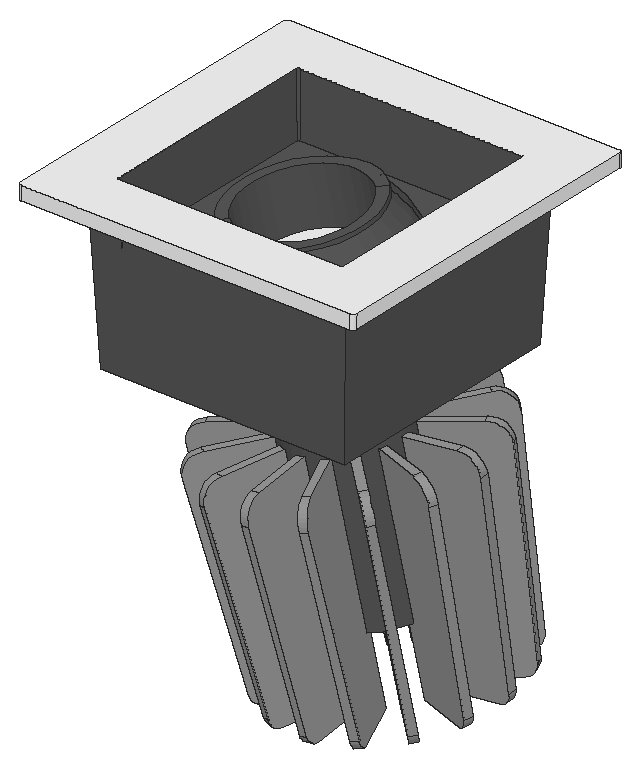
Revit family "2056237 Sylvania Lighting Fixture MYD ADJ SQ BLK 4K DALI WHT BEZ", category Lighting Fixtures, host Face, Revit 2016
Family settings
  Host = Face
  Part Type = Normal
  Round Connector Dimension = Use Diameter
  OmniClass Number = 23.80.70.00
  OmniClass Title = Lighting
  Cut with Voids When Loaded = Yes
  Light Source = No
  Shared = No
  Room Calculation Point = No
Parameters (values of type "2056237 MYD ADJ SQ BLK 4K DALI WHT BEZ")
  WidthCutOut_SYL = 72 mm
  Width_SYL = 86 mm
  WidthBezel_SYL = 7 mm
  Weight = "0.38 kg"
  Wattage Comments = "n/a"
  WarrantyStartDate [instance] = "n/a"
  WarrantyGuarantorParts = "n/a"
  WarrantyDurationUnit = "n/a"
  WarrantyDurationParts = "n/a"
  WarrantyDescription = "n/a"
  Voltage = 0 V
  VerticalTiltStart_FEILO [instance] = VerticalTilt_FEILO + 90.00°  # 135.00°
  VerticalTilt_FEILO [instance] = 45.00°
  URL = "http://www.sylvania-lighting.com"
  TypeName = "MYD ADJ SQ BLK 4K DALI WHT BEZ"
  TypeLamp_SYL = Myriad Adjustable Square Lamp : 2056237 MYD ADJ SQ BLK 4K DALI WHT BEZ
  Type Image = <None>
  Type Comments = "n/a"
  SphereRadius_FEILO = 31 mm
  SerialNumber [instance] = "n/a"
  Material_3_SYL = none
  PowerFactor = 0
  PowerConsumption = "10 W"
  NominalLength = 0 mm
  NominalHeight = 115 mm
  NominalDepth = 76 mm
  Name = "MYD ADJ SQ BLK 4K DALI WHT BEZ"
  ModelReference = Name  # "MYD ADJ SQ BLK 4K DALI WHT BEZ"
  ModelNumber = "2056237"
  Model = Name  # "MYD ADJ SQ BLK 4K DALI WHT BEZ"
  Material = "polycarbonate housing"
  ManufacturerName = "Feilo Sylvania"
  Manufacturer = "Feilo Sylvania"
  LuminousEfficacy = "68 lm/W"
  LuminaireType = ""
  LightOutputRatio = "100"
  LampsType = Lamp  # "LED"
  LampNominalLuminous = "684 lm"
  LampMacAdamStep = "n/a"
  LampColourTemperature = "4000 K"
  LampColourRenderingIndex = "85"
  Lamp = "LED"
  Keynote = "16500"
  InstallationDate [instance] = "n/a"
  InputVoltage = "n/a"
  InputNominalFrequency = "n/a"
  IngressProtection = "IP20"
  ImpactProtectionIndex = "IK02"
  IfcExportType = "IfcLightFixtureType"
  IfcExportAs = "IfcLightFixtureType"
  HorizontalTilt_FEILO [instance] = 10.00°
  HeightVoid_SYL = 16 mm
  HeightTop_SYL = 40 mm
  HeightBezel_SYL = 3.5 mm
  ExpectedLife = 50000
  ElectricShockClassification = "Class II"
  DurationUnit = "hours"
  DraftIn_SYL = tan(DraftAngle_SYL) * HeightVoid_SYL  # 0.699 mm
  DraftOut_SYL = tan(DraftAngle_SYL) * HeightTop_SYL  # 1.746 mm
  DraftAngle_SYL = 2.50°
  DocumentationLiterature = "http://www.sylvania-lighting.com/product/en-int/products/2056237"
  DimmingControlOptions = "n/a"
  Material_2_SYL = none
  Description = "MYD ADJ SQ BLK 4K DALI WHT BEZ"
  Default Elevation = 1219.2 mm
  CreatedOn = "9/11/2018"
  CreatedBy = "@sylvania-lighting.com"
  Cost = 0
  built-in parameter 1114216 [instance] = (empty or 0)
  ClassificationValue = "EF_70_80"
  ClassificationName = "Uniclass2015"
  Material_1_SYL = Body-Sylvania-MyriadAdjustableRound-Black
  BarCode [instance] = "n/a"
  AssetType = "Fixed"
  AssetIdentifier [instance] = "n/a"
  Assembly Code = "D5020200"
  Apparent Load = 10 VA
  Material_4_SYL = Body-Sylvania-MyriadAdjustableRound-White
Reference planes
  plane 1 "Center (Front/Back)": y = 0
  plane 2: z = 0
  plane 3 "Center (Left/Right)": x = 0
  plane 4: z = 3.5
  plane 5: z = -12.5
  plane 6: z = -24.5
  plane 7: x = -36
  plane 8: x = 36
  plane 9: x = -43
  plane 10: x = 43
  plane 11: x = -33
  plane 12: x = -31.254
  plane 13: x = 33
  plane 14: x = 31.254
  plane 15: y = 43
  plane 16: y = -43
  plane 17: y = 36
  plane 18: y = -36
  plane 19: y = -33
  plane 20: y = 33
  plane 21: y = 31.254
  plane 22: y = -31.254
  plane 23: z = -40
  plane 24: z = -130
  plane 25: y = 29
  plane 26: x = -29
  plane 27: x = 29
  plane 28: y = -29
  plane 29: x = -28.301
  plane 30: y = 28.301
  plane 31: x = 28.301
  plane 32: y = -28.301
  plane 33: x = -42.5
  plane 34: z = 3
Forms (mm)
  Revolve 1, solid, not visible
    sketch origin (0, 0, 0) x (1, 0, 0) y (0, 0, 1)
      loop
        line (0, -24.5) -> (2.4, -24.5) -> (2.4, -12.5) -> (0, -12.5) -> (0, -24.5)
      axis (0, -12.5) -> (0, -24.5)
    angle from 135 <- "VerticalTiltStart_FEILO" to 45 <- "VerticalTilt_FEILO"
  Extrusion 2, void
    sketch origin (0, 0, 0) x (1, 0, 0) y (0, 1, 0)
      loop
        line (-36, 36) -> (-36, -36) -> (36, -36) -> (36, 36) -> (-36, 36)
    from 0 to -130
  Extrusion 3, solid, material "Body-Sylvania-MyriadAdjustableRound-Black" <- "Material_1_SYL"
    sketch origin (0, 0, 0) x (1, 0, 0) y (0, 1, 0)
      loop
        arc (-42, 43) -> (-42.707, 42.707) -> (-43, 42) r 1
        line (-43, 42) -> (-43, -42)
        arc (-43, -42) -> (-42.707, -42.707) -> (-42, -43) r 1
        line (-42, -43) -> (42, -43)
        arc (42, -43) -> (42.707, -42.707) -> (43, -42) r 1
        line (43, -42) -> (43, 42)
        arc (43, 42) -> (42.707, 42.707) -> (42, 43) r 1
        line (42, 43) -> (-42, 43)
    from 0 to 3.5
  Blend 4, solid, material "Body-Sylvania-MyriadAdjustableRound-Black" <- "Material_1_SYL"
    base sketch origin (0, 0, 0) x (1, 0, 0) y (0, 1, 0)
      loop
        line (-33, 33) -> (-33, -33) -> (33, -33) -> (33, 33) -> (-33, 33)
    top sketch origin (0, 0, 0) x (1, 0, 0) y (0, 1, 0)
      loop
        line (-31.254, 31.254) -> (-31.254, -31.254) -> (31.254, -31.254) -> (31.254, 31.254) -> (-31.254, 31.254)
    from 0 to -40
  Blend 5, void
    base sketch origin (1223.4, -4572, 3.5) x (-1, 0, 0) y (0, -1, 0)
      loop
        arc (1251.727, -4601) -> (1252.203, -4600.803) -> (1252.4, -4600.327) r 0.673
        line (1252.4, -4600.327) -> (1252.4, -4543.673)
        arc (1252.4, -4543.673) -> (1252.203, -4543.197) -> (1251.727, -4543) r 0.673
        line (1251.727, -4543) -> (1195.073, -4543)
        arc (1195.073, -4543) -> (1194.597, -4543.197) -> (1194.4, -4543.673) r 0.673
        line (1194.4, -4543.673) -> (1194.4, -4600.327)
        arc (1194.4, -4600.327) -> (1194.597, -4600.803) -> (1195.073, -4601) r 0.673
        line (1195.073, -4601) -> (1251.727, -4601)
    top sketch origin (1223.4, -4572, 3.5) x (-1, 0, 0) y (0, -1, 0)
      loop
        arc (1251.201, -4600.301) -> (1251.555, -4600.155) -> (1251.701, -4599.801) r 0.5
        line (1251.701, -4599.801) -> (1251.701, -4544.199)
        arc (1251.701, -4544.199) -> (1251.555, -4543.845) -> (1251.201, -4543.699) r 0.5
        line (1251.201, -4543.699) -> (1195.638, -4543.699)
        arc (1195.638, -4543.699) -> (1195.257, -4543.857) -> (1195.099, -4544.238) r 0.539
        line (1195.099, -4544.238) -> (1195.099, -4599.801)
        arc (1195.099, -4599.801) -> (1195.245, -4600.155) -> (1195.599, -4600.301) r 0.5
        line (1195.599, -4600.301) -> (1251.201, -4600.301)
    from 0 to -16
  Revolve 6, void
    sketch origin (0, 0, 0) x (1, 0, 0) y (0, 0, 1)
      loop
        arc (0, 5.853) -> (-24.7, -24.5) -> (0, -54.853) r 31
        line (0, -54.853) -> (0, 5.853)
      axis (0, 5.853) -> (0, -54.853)
    angle from 360 to 0
Cuts and joins
  Blend 5 cuts Extrusion 3
  Blend 5, Revolve 6 cuts Blend 4
  joined: Extrusion 3, Blend 4
Lines and regions (mm)
  reference lines
    curve 1: circle (6.3, 0, -24.5) r 31 normal (0, -1, 0)
Dimensions and locks
  "HeightBezel_SYL": plane 4 to plane 2
  locked: plane 5 to plane 6 at 12
  equal spacing: plane 9, plane 3 "Center (Left/Right)", plane 10
  equal spacing: plane 16, plane 1 "Center (Front/Back)", plane 15
  "Width_SYL": plane 16 to plane 15
  "Width_SYL": plane 9 to plane 10
  equal spacing: plane 7, plane 3 "Center (Left/Right)", plane 8
  "WidthCutOut_SYL": plane 7 to plane 8
  equal spacing: plane 18, plane 1 "Center (Front/Back)", plane 17
  "WidthCutOut_SYL": plane 18 to plane 17
  equal spacing: plane 11, plane 3 "Center (Left/Right)", plane 13
  equal spacing: plane 19, plane 1 "Center (Front/Back)", plane 20
  locked: plane 18 to plane 19 at 3
  locked: plane 7 to plane 11 at 3
  equal spacing: plane 12, plane 3 "Center (Left/Right)", plane 14
  "DraftOut_SYL": plane 11 to plane 12
  equal spacing: plane 22, plane 1 "Center (Front/Back)", plane 21
  "DraftOut_SYL": plane 19 to plane 22
  "HeightTop_SYL": plane 2 to plane 23
  locked: plane 2 to plane 24 at 130
  equal spacing: plane 26, plane 3 "Center (Left/Right)", plane 27
  equal spacing: plane 28, plane 1 "Center (Front/Back)", plane 25
  "WidthBezel_SYL": plane 25 to plane 17
  "WidthBezel_SYL": plane 7 to plane 26
  equal spacing: plane 29, plane 3 "Center (Left/Right)", plane 31
  "DraftIn_SYL": plane 26 to plane 29
  equal spacing: plane 32, plane 1 "Center (Front/Back)", plane 30
  "DraftIn_SYL": plane 28 to plane 32
  "HeightVoid_SYL": plane 4 to plane 5
  locked: plane 33 to plane 9 at 0.5
  locked: plane 4 to plane 34 at 0.5
  curve 1 to plane 3 "Center (Left/Right)" = 6.3 mm
  "SphereRadius_FEILO": radius of curve 1
  aligned and locked: plane 2 to host face
  aligned and locked: level to host face
  aligned and locked: plane 6 to Revolve 1 sketch curve
  aligned and locked: Revolve 1 sketch curve to plane 3 "Center (Left/Right)"  (x2)
  aligned and locked: Revolve 1 sketch curve to plane 5
  aligned and locked: plane 17 to Extrusion 2 sketch curve
  aligned and locked: Extrusion 2 sketch curve to plane 18
  aligned and locked: Extrusion 2 sketch curve to plane 8
  aligned and locked: plane 7 to Extrusion 2 sketch curve
  aligned and locked: plane 24 to Extrusion 2
  aligned and locked: level to Extrusion 2
  aligned and locked: plane 15 to Extrusion 3 sketch curve
  aligned and locked: plane 9 to Extrusion 3 sketch curve
  aligned and locked: Extrusion 3 sketch curve to plane 16
  aligned and locked: Extrusion 3 sketch curve to plane 10
  aligned and locked: Extrusion 3 to plane 4
  aligned and locked: Extrusion 3 to level
  aligned and locked: plane 20 to Blend 4 sketch curve
  aligned and locked: Blend 4 sketch curve to plane 19
  aligned and locked: Blend 4 sketch curve to plane 13
  aligned and locked: plane 11 to Blend 4 sketch curve
  aligned and locked: plane 21 to Blend 4 sketch curve
  aligned and locked: plane 12 to Blend 4 sketch curve
  aligned and locked: Blend 4 sketch curve to plane 22
  aligned and locked: Blend 4 sketch curve to plane 14
  aligned and locked: plane 23 to Blend 4
  aligned and locked: level to Blend 4
  aligned and locked: nested 1 to plane 6
  aligned and locked: plane 25 to Blend 5 sketch curve
  aligned and locked: plane 26 to Blend 5 sketch curve
  aligned and locked: Blend 5 sketch curve to plane 28
  aligned and locked: Blend 5 sketch curve to plane 27
  aligned and locked: plane 30 to Blend 5 sketch curve
  aligned and locked: plane 29 to Blend 5 sketch curve
  aligned and locked: Blend 5 sketch curve to plane 32
  aligned and locked: Blend 5 sketch curve to plane 31
  aligned and locked: plane 5 to Blend 5
  aligned and locked: Blend 5 to plane 4
  aligned and locked: plane 6 to curve 1
  aligned and locked: Revolve 6 sketch curve to plane 3 "Center (Left/Right)"
Automatic sketch dimensions
  host sketch curve to host sketch curve = 2438.4 mm  (x2)
  Revolve 1 sketch curve to plane 4 = 2605.558 mm
  plane 3 "Center (Left/Right)" to Revolve 1 sketch curve = 2.4 mm
  plane 6 to Revolve 1 sketch curve = 577.6 mm
  plane 9 to Extrusion 3 sketch curve = 1 mm
  Extrusion 3 sketch curve to Extrusion 3 sketch curve = 1 mm
  Extrusion 3 sketch curve to plane 10 = 1 mm  (x2)
  plane 31 to Blend 5 sketch curve = 0.026 mm  (x2)
  Blend 5 sketch curve to plane 29 = 0.026 mm  (x2)
  Blend 5 sketch curve to Blend 5 sketch curve = 0.5 mm
  Blend 5 sketch curve to Blend 5 sketch curve = 0.539 mm
  plane 29 to Blend 5 sketch curve = 0.5 mm  (x2)
  plane 24 to Revolve 6 sketch curve = 479.6 mm
  Revolve 6 sketch curve to plane 4 = 2605.558 mm
  Revolve 6 sketch curve to plane 3 "Center (Left/Right)" = 0 mm
  Revolve 6 sketch curve to plane 6 = 0 mm
  plane 3 "Center (Left/Right)" to Revolve 6 sketch curve = 6.3 mm
  Revolve 6 sketch curve to plane 4 = 2.353 mm
Nested families
  nested 1: "Myriad Adjustable Square Rotation Feature" at (-0.473, 0.473, -24.5) x (-0.7071, 0.7071, 0) z (-0.7071, -0.7071, 0), HorizontalAxis <- "HorizontalTilt_FEILO", type "Myriad Adjustable Square Rotation Feature"
    with HorizontalAxis 10.00°, EndAngle 100.00°
  nested 2: "Myriad Adjustable Square Lamp" at (0, 0, -24.5) x (0.6964, 0.6964, 0.1736) z (0.1228, 0.1228, -0.9848), type <- "TypeLamp_SYL", type "2056237 MYD ADJ SQ BLK 4K DALI WHT BEZ"
Connectors
  electrical at (0, 0, 0), driven by "Apparent Load", driven by "PowerFactor", driven by "Voltage"
    settings: index 1, voltage 0 V, apparent load 10 VA, apparent load phase1 0 VA, apparent load phase2 0 VA, apparent load phase3 0 VA, power factor 0, load classification "Lighting", number of poles 1, system type 30, power factor state 1, is connector primary yes, connector utility no, sub classification motor no, connector description ""
Definition of nested family "Myriad Adjustable Square Rotation Feature"
  Parameters (values of type "Myriad Adjustable Square Rotation Feature")
    URL = "http://www.sylvania-lighting.com"
    Type Comments = "n/a"
    Model = "n/a"
    Manufacturer = "Feilo Sylvania"
    Keynote = "n/a"
    HorizontalAxis [instance] = 0.00°
    EndAngle [instance] = HorizontalAxis + 90.00°  # 90.00°
    Description = "n/a"
    Default Elevation = 1219.2 mm
    Cost = 0
    Assembly Code = "n/a"
  Reference planes
    plane 1 "Center (Front/Back)": y = 0
    plane 2: z = 0
    plane 3 "Center (Left/Right)": x = 0
    plane 4: z = 10
    plane 5: x = -10
    plane 6: x = 10
  Forms (mm)
    Extrusion 1, solid
      sketch origin (-0.8, 0, 0) x (1, 0, 0) y (0, 1, 0)
        loop
          line (-1219.2, 1219.2) -> (-1219.2, -1219.2) -> (1219.2, -1219.2) -> (1219.2, 1219.2) -> (-1219.2, 1219.2)
      from 0 to -304.8
    Revolve 2, solid
      sketch origin (0, 0, 0) x (1, 0, 0) y (0, 0, 1)
        loop
          line (-10, 10) -> (-10, 0) -> (10, 0) -> (10, 10) -> (-10, 10)
        axis (-10, 0) -> (10, 0)
      angle from 0 <- "HorizontalAxis" to 90 <- "EndAngle"
  Dimensions and locks
    plane 4 to plane 2 = 10 mm
    aligned and locked: plane 2 to Extrusion 1
    aligned and locked: level to Extrusion 1
    aligned and locked: Revolve 2 sketch curve to plane 4
    aligned and locked: plane 5 to Revolve 2 sketch curve
    aligned and locked: Extrusion 1 to Revolve 2 sketch curve
    aligned and locked: Revolve 2 sketch curve to plane 2
    aligned and locked: Revolve 2 sketch curve to plane 6
Definition of nested family "Myriad Adjustable Square Lamp"
  Parameters (values of type "2058044 MYSQ AD BLK 2.7K DALI SIL BZ")
    Wattage = 10 W
    built-in parameter 1150110 = 1 (stored number, unit not read)
    URL = "http://www.sylvania-lighting.com"
    Type Comments = "n/a"
    built-in parameter 1114217 = 1 (stored number, unit not read)
    Tilt Angle = 90.00°
    built-in parameter 1150109 = 1 (stored number, unit not read)
    built-in parameter 1150134 = (empty or 0)
    built-in parameter 1150113 = 1 (stored number, unit not read)
    SphereRadius_SYL = 31 mm
    RimHeight_SYL = 1 mm
    Material_3_SYL = none
    Photometric Web File = "2058044.ies"
    Model = "MYSQ AD BLK 2.7K DALI SIL BZ"
    Manufacturer = "Feilo Sylvania"
    built-in parameter 1150105 = 54.113 (stored number, unit not read)
    Lumens = 680 lm
    built-in parameter 1150115 = 1 (stored number, unit not read)
    built-in parameter 1150137 = (empty or 0)
    built-in parameter 1150139 = (empty or 0)
    built-in parameter 1150112 = 1 (stored number, unit not read)
    built-in parameter 1150114 = 1 (stored number, unit not read)
    Lamp = "LED"
    Keynote = "16500"
    built-in parameter 1150132 = (empty or 0)
    built-in parameter 1150102 = (empty or 0)
    built-in parameter 1150107 = 2700 (stored number, unit not read)
    built-in parameter 1150138 = (empty or 0)
    built-in parameter 1150106 = 0.54113 (stored number, unit not read)
    Emit from Circle Diameter = 30 mm
    Emit Shape Visible in Rendering = no
    built-in parameter 1150104 = 6.3174 (stored number, unit not read)
    Dimming Lamp Color Temperature Shift = (empty or 0)
    Material_2_SYL = none
    Description = "Myriad Adjustable Square 2700K DALI black interior with silver bezel"
    Default Elevation = 1219.2 mm
    Cost = 0
    Color Filter = 16777215
    Material_1_SYL = none
    built-in parameter 1114218 = 1 (stored number, unit not read)
    built-in parameter 1150133 = 10 (stored number, unit not read)
    Assembly Code = "D5020200"
    Material_4_SYL = none
    Apparent Load = 10 VA
  Types (24, lengths in mm): name | built-in parameter 1150134 | Photometric Web File | Model | built-in parameter 1150105 | Lumens | built-in parameter 1150107 | built-in parameter 1150106 | built-in parameter 1150104 | Description
    2058044 MYSQ AD BLK 2.7K DALI SIL BZ | (empty or 0) | "2058044.ies" | "MYSQ AD BLK 2.7K DALI SIL BZ" | 54.113 (stored number, unit not read) | 680 lm | 2700 (stored number, unit not read) | 0.54113 (stored number, unit not read) | 6.3174 (stored number, unit not read) | "Myriad Adjustable Square 2700K DALI black interior with silver bezel"
    2058043 MYSQ AD BLK 2.7K PHDIM SIL BZ | (empty or 0) | "2058043.ies" | "MYSQ AD BLK 2.7K PHDIM SIL BZ" | 54.113 (stored number, unit not read) | 680 lm | 2700 (stored number, unit not read) | 0.54113 (stored number, unit not read) | 6.3174 (stored number, unit not read) | "Myriad Adjustable Square 2700K Phase dimmable black interior with silver bezel"
    2058042 MYSQ AD BLK 2.7K DALI WHT BZ | (empty or 0) | "2058042.ies" | "MYSQ AD BLK 2.7K DALI WHT BZ" | 54.113 (stored number, unit not read) | 680 lm | 2700 (stored number, unit not read) | 0.54113 (stored number, unit not read) | 6.3174 (stored number, unit not read) | "Myriad Adjustable Square 2700K DALI black interior with white bezel"
    2058041 MYSQ AD BLK 2.7K PHDIM WHT BZ | (empty or 0) | "2058041.ies" | "MYSQ AD BLK 2.7K PHDIM WHT BZ" | 45.359 (stored number, unit not read) | 570 lm | 2700 (stored number, unit not read) | 0.45359 (stored number, unit not read) | 5.2955 (stored number, unit not read) | "Myriad Adjustable Square 2700K Phase dimmable black interior with white bezel"
    2058040 MYSQ AD WHT 2.7K DALI SIL BZ | (empty or 0) | "2058040.ies" | "MYSQ AD WHT 2.7K DALI SIL BZ" | 45.359 (stored number, unit not read) | 570 lm | 2700 (stored number, unit not read) | 0.45359 (stored number, unit not read) | 5.2955 (stored number, unit not read) | "Myriad Adjustable Square 2700K DALI White interior with silver bezel."
    2058039 MYSQ AD WHT 2.7K PHDIM SIL BZ | (empty or 0) | "2058039.ies" | "MYSQ AD WHT 2.7K PHDIM SIL BZ" | 54.113 (stored number, unit not read) | 680 lm | 2700 (stored number, unit not read) | 0.54113 (stored number, unit not read) | 6.3174 (stored number, unit not read) | "MYSQ AD WHT 2.7K PHDIM SIL BZ"
    2058038 MYSQ AD WHT 2.7K DALI WHT BZ | (empty or 0) | "2058038.ies" | "MYSQ AD WHT 2.7K DALI WHT BZ" | 54.113 (stored number, unit not read) | 680 lm | 2700 (stored number, unit not read) | 0.54113 (stored number, unit not read) | 6.3174 (stored number, unit not read) | "MYSQ AD WHT 2.7K DALI WHT BZ"
    2058037 MYSQ AD WHT 2.7K PHDIM WHT BZ | (empty or 0) | "2058037.ies" | "MYSQ AD WHT 2.7K PHDIM WHT BZ" | 54.113 (stored number, unit not read) | 680 lm | 2700 (stored number, unit not read) | 0.54113 (stored number, unit not read) | 6.3174 (stored number, unit not read) | "Myriad Adjustable SQ White 2,7K Phase dim White Bezel"
    2056239 MYD ADJ SQ BLK 4K DALI SIL BEZ | 12 | "2056239.ies" | "MYD ADJ SQ BLK 4K DALI SIL BEZ" | 54.113 (stored number, unit not read) | 680 lm | 4000 (stored number, unit not read) | 0.54113 (stored number, unit not read) | 6.3174 (stored number, unit not read) | "MYD ADJ SQ BLK 4K DALI SIL BEZ"
    2056238 MYR ADJ SQ BLK 4K PHDIM SIL BEZ | 12 | "2056238.ies" | "MYR ADJ SQ BLK 4K PHDIM SIL BEZ" | 54.113 (stored number, unit not read) | 680 lm | 4000 (stored number, unit not read) | 0.54113 (stored number, unit not read) | 6.3174 (stored number, unit not read) | "MYR ADJ SQ BLK 4K PHDIM SIL BEZ"
    2056237 MYD ADJ SQ BLK 4K DALI WHT BEZ | 12 | "2056237.ies" | "MYD ADJ SQ BLK 4K DALI WHT BEZ" | 54.113 (stored number, unit not read) | 680 lm | 4000 (stored number, unit not read) | 0.54113 (stored number, unit not read) | 6.3174 (stored number, unit not read) | "MYD ADJ SQ BLK 4K DALI WHT BEZ"
    2056236 MYD ADJ SQ BLK 4K PHDIM WHT BEZ | 12 | "2056236.ies" | "MYD ADJ SQ BLK 4K PHDIM WHT BEZ" | 54.113 (stored number, unit not read) | 680 lm | 4000 (stored number, unit not read) | 0.54113 (stored number, unit not read) | 6.3174 (stored number, unit not read) | "MYD ADJ SQ BLK 4K PHDIM WHT BEZ"
    2056235 MYD ADJ SQ BLK 3K DALI SIL BEZ | (empty or 0) | "2056235.ies" | "MYD ADJ SQ BLK 3K DALI SIL BEZ" | 55.704 (stored number, unit not read) | 700 lm | 3000 (stored number, unit not read) | 0.55704 (stored number, unit not read) | 6.5032 (stored number, unit not read) | "MYD ADJ SQ BLK 3K DALI SIL BEZ"
    2056234 MYD ADJ SQ BLK 3K PHDIM SILBEZ | (empty or 0) | "2056234.ies" | "MYD ADJ SQ BLK 3K PHDIM SILBEZ" | 55.704 (stored number, unit not read) | 700 lm | 3000 (stored number, unit not read) | 0.55704 (stored number, unit not read) | 6.5032 (stored number, unit not read) | "MYD ADJ SQ BLK 3K PHDIM SILBEZ"
    2056233 MYD ADJ SQ BLK 3K DALI WHT BEZ | (empty or 0) | "2056233.ies" | "MYD ADJ SQ BLK 3K DALI WHT BEZ" | 55.704 (stored number, unit not read) | 700 lm | 3000 (stored number, unit not read) | 0.55704 (stored number, unit not read) | 6.5032 (stored number, unit not read) | "MYD ADJ SQ BLK 3K DALI WHT BEZ"
    2056232 MYD ADJ SQ BLK 3K PHDIM WHT BEZ | (empty or 0) | "2056232.ies" | "MYD ADJ SQ BLK 3K PHDIM WHT BEZ" | 55.704 (stored number, unit not read) | 700 lm | 3000 (stored number, unit not read) | 0.55704 (stored number, unit not read) | 6.5032 (stored number, unit not read) | "MYD ADJ SQ BLK 3K PHDIM WHT BEZ"
    2056231 MYD ADJ SQ WHT 4K DALI SIL BEZ | 12 | "2056231.ies" | "MYD ADJ SQ WHT 4K DALI SIL BEZ" | 54.113 (stored number, unit not read) | 680 lm | 4000 (stored number, unit not read) | 0.54113 (stored number, unit not read) | 6.3174 (stored number, unit not read) | "MYD ADJ SQ WHT 4K DALI SIL BEZ"
    2056230 MYD ADJ SQ WHT 4K PHDIM SIL BEZ | 12 | "2056230.ies" | "MYD ADJ SQ WHT 4K PHDIM SIL BEZ" | 54.113 (stored number, unit not read) | 680 lm | 4000 (stored number, unit not read) | 0.54113 (stored number, unit not read) | 6.3174 (stored number, unit not read) | "Myriad Adjustable Square 4000K phase dimmable white with silver bezel"
    2056229 MYD ADJ SQ WHT 4K DALI WHT BEZ | 12 | "2056229.ies" | "MYD ADJ SQ WHT 4K DALI WHT BEZ" | 54.113 (stored number, unit not read) | 680 lm | 4000 (stored number, unit not read) | 0.54113 (stored number, unit not read) | 6.3174 (stored number, unit not read) | "MYD ADJ SQ WHT 4K DALI WHT BEZ"
    2056228 MYD ADJ SQ WHT 4K PHDIM WHT BEZ | 12 | "2056228.ies" | "MYD ADJ SQ WHT 4K PHDIM WHT BEZ" | 54.113 (stored number, unit not read) | 680 lm | 4000 (stored number, unit not read) | 0.54113 (stored number, unit not read) | 6.3174 (stored number, unit not read) | "MYD ADJ SQ WHT 4K PHDIM WHT BEZ"
    2056227 MYD ADJ SQ WHT 3K DALI SIL BEZ | (empty or 0) | "2056227.ies" | "MYD ADJ SQ WHT 3K DALI SIL BEZ" | 55.704 (stored number, unit not read) | 700 lm | 3000 (stored number, unit not read) | 0.55704 (stored number, unit not read) | 6.5032 (stored number, unit not read) | "MYD ADJ SQ WHT 3K DALI SIL BEZ"
    2056226 MYD ADJ SQ WHT 3K PHDIM SIL BEZ | (empty or 0) | "2056226.ies" | "MYD ADJ SQ WHT 3K PHDIM SIL BEZ" | 55.704 (stored number, unit not read) | 700 lm | 3000 (stored number, unit not read) | 0.55704 (stored number, unit not read) | 6.5032 (stored number, unit not read) | "MYD ADJ SQ WHT 3K PHDIM SIL BEZ"
    2056225 MYD ADJ SQ WHT 3K DALI WHT BEZ | (empty or 0) | "2056225.ies" | "MYD ADJ SQ WHT 3K DALI WHT BEZ" | 55.704 (stored number, unit not read) | 700 lm | 3000 (stored number, unit not read) | 0.55704 (stored number, unit not read) | 6.5032 (stored number, unit not read) | "MYD ADJ SQ WHT 3K DALI WHT BEZ"
    2056224 MYD ADJ SQ WHT 3K PHDIM WHT BEZ | (empty or 0) | "2056224.ies" | "MYD ADJ SQ WHT 3K PHDIM WHT BEZ" | 55.704 (stored number, unit not read) | 700 lm | 3000 (stored number, unit not read) | 0.55704 (stored number, unit not read) | 6.5032 (stored number, unit not read) | "MYD ADJ SQ WHT 3K PHDIM WHT BEZ"
  Reference planes
    plane 1 "Center (Front/Back)": y = 0
    plane 2: z = 0
    plane 3 "Center (Left/Right)": x = 0
    plane 4: x = -35
    plane 5: x = -12
    plane 6: x = -15
    plane 7: x = -25
    plane 8: x = -17.8
    plane 9: z = -19.5
    plane 10: z = 19.5
    plane 11: z = 30.5
    plane 12: z = 71.5
    plane 13: z = 90.5
    plane 14: z = 0
    plane 15: z = -5.5
    plane 16: x = -30
    plane 17: z = -20.5
  Forms (mm)
    Extrusion 1, solid
      sketch origin (-0.8, 0, 0) x (1, 0, 0) y (0, 1, 0)
        loop
          line (-1219.2, 1219.2) -> (-1219.2, -1219.2) -> (1219.2, -1219.2) -> (1219.2, 1219.2) -> (-1219.2, 1219.2)
      from 0 to -304.8
    Revolve 2, solid, material <- "Material_1_SYL"
      sketch origin (0, 0, 0) x (1, 0, 0) y (0, 0, 1)
        loop
          line (-15, -20.5) -> (-15, -5.5) -> (0, -5.5) -> (0, 30.5) -> (-12, 30.5) -> (-12, 71.5) -> (-15, 71.5) -> (-15, 19.5) -> (-17.8, 19.5)
          arc (-17.8, 19.5) -> (-24.701, 0) -> (-17.8, -19.5) r 31
          line (-17.8, -19.5) -> (-17.8, -20.5) -> (-15, -20.5)
        axis (0, 71.5) -> (0, -20.5)
      angle from 0 to 360
    Revolve 3, solid, material <- "Material_1_SYL", detail levels coarse+medium
      sketch origin (0, 0, 0) x (1, 0, 0) y (0, 0, 1)
        loop
          line (0, 30.5) -> (0, 90.5) -> (-30, 90.5) -> (-35, 30.5) -> (0, 30.5)
        axis (0, 90.5) -> (0, 30.5)
      angle from 0 to 360
  Lines and regions (mm)
    reference lines
      curve 1: line (0, 0, 0) -> (-32.336, 13.394, 0)
      curve 2: circle (0, 0, 0) r 35 normal (0, 0, 1)
      curve 3: line (0, 0, 0) -> (-24.749, 24.749, 0)
      curve 4: line (0, 0, 0) -> (-13.394, 32.336, 0)
      curve 5: line (0, 0, 0) -> (13.394, 32.336, 0)
      curve 6: line (0, 0, 0) -> (24.749, 24.749, 0)
      curve 7: line (0, 0, 0) -> (32.336, 13.394, 0)
      curve 8: line (0, 0, 0) -> (32.336, -13.394, 0)
      curve 9: line (0, 0, 0) -> (24.749, -24.749, 0)
      curve 10: line (0, 0, 0) -> (13.394, -32.336, 0)
      curve 11: line (0, 0, 0) -> (-13.394, -32.336, 0)
      curve 12: line (0, 0, 0) -> (-24.749, -24.749, 0)
      curve 13: line (0, 0, 0) -> (-32.336, -13.394, 0)
  Dimensions and locks
    locked: plane 3 "Center (Left/Right)" to plane 4 at 35
    locked: plane 3 "Center (Left/Right)" to plane 5 at 12
    locked: plane 3 "Center (Left/Right)" to plane 6 at 15
    locked: plane 3 "Center (Left/Right)" to plane 7 at 25
    locked: plane 3 "Center (Left/Right)" to plane 8 at 17.8
    equal spacing: plane 10, plane 14, plane 9
    locked: plane 3 "Center (Left/Right)" to plane 16 at 30
    "RimHeight_SYL": plane 9 to plane 17
    locked: plane 15 to plane 17 at 15
    locked: plane 10 to plane 17 at 40
    locked: plane 11 to plane 17 at 51
    locked: plane 12 to plane 17 at 92
    locked: plane 13 to plane 17 at 111
    radius of curve 2 = 35 mm
    "SphereRadius_SYL": radius of Revolve 2 sketch curve
    angle curve 3 to plane 1 "Center (Front/Back)" = 45.00°
    angle curve 4 to plane 1 "Center (Front/Back)" = 67.50°
    angle plane 1 "Center (Front/Back)" to curve 5 = 67.50°
    angle plane 1 "Center (Front/Back)" to curve 6 = 45.00°
    angle plane 1 "Center (Front/Back)" to curve 7 = 22.50°
    angle curve 8 to plane 1 "Center (Front/Back)" = 22.50°
    angle curve 9 to plane 1 "Center (Front/Back)" = 45.00°
    angle curve 10 to plane 1 "Center (Front/Back)" = 67.50°
    angle curve 11 to plane 3 "Center (Left/Right)" = 22.50°
    angle curve 12 to plane 3 "Center (Left/Right)" = 45.00°
    angle curve 13 to plane 3 "Center (Left/Right)" = 67.50°
    aligned and locked: plane 2 to Extrusion 1
    aligned and locked: level to Extrusion 1
    aligned and locked: Revolve 2 sketch curve to plane 3 "Center (Left/Right)"  (x2)
    aligned and locked: plane 8 to Revolve 2 sketch curve  (x2)
    aligned and locked: plane 10 to Revolve 2 sketch curve
    aligned and locked: plane 6 to Revolve 2 sketch curve  (x2)
    aligned and locked: plane 12 to Revolve 2 sketch curve
    aligned and locked: Revolve 2 sketch curve to plane 5
    aligned and locked: plane 3 "Center (Left/Right)" to Revolve 2 sketch curve
    aligned and locked: plane 11 to Revolve 2 sketch curve
    aligned and locked: plane 3 "Center (Left/Right)" to curve 1
    aligned and locked: plane 3 "Center (Left/Right)" to curve 2
    aligned and locked: Revolve 3 sketch curve to plane 3 "Center (Left/Right)"
    aligned and locked: plane 13 to Revolve 3 sketch curve
    aligned and locked: plane 14 to level
    aligned and locked: plane 17 to Revolve 2 sketch curve
    aligned and locked: plane 15 to Revolve 2 sketch curve
    aligned and locked: imposter light to plane 1 "Center (Front/Back)"
    aligned and locked: plane 3 "Center (Left/Right)" to imposter light
    aligned and locked: plane 1 "Center (Front/Back)" to nested 1
    aligned and locked: plane 3 "Center (Left/Right)" to nested 1
    aligned and locked: imposter light to plane 15
  Automatic sketch dimensions
    Extrusion 1 sketch curve to Extrusion 1 sketch curve = 2438.4 mm  (x2)
    plane 1 "Center (Front/Back)" to curve 2 = 0 mm
    plane 1 "Center (Front/Back)" to curve 11 = 0 mm
    curve 1 to plane 16 = 2.336 mm
    Revolve 3 sketch curve to level = 609.6 mm
    Revolve 3 sketch curve to Revolve 3 sketch curve = 2498.058 mm
    Revolve 3 sketch curve to plane 4 = 0 mm
    Revolve 3 sketch curve to plane 16 = 0 mm
    Revolve 3 sketch curve to plane 3 "Center (Left/Right)" = 0 mm
    Revolve 3 sketch curve to plane 11 = 0 mm
    Revolve 2 sketch curve to level = 0 mm
    Revolve 2 sketch curve to plane 17 = 588.1 mm
    Revolve 2 sketch curve to plane 13 = 2498.058 mm
  Nested families
    nested 1: "Myriad Rib" at (0, 0, -20.5), type "Myriad Rib", detail levels fine
    nested 2: "Myriad Rib" at (0, 0, -20.5) x (0.9239, -0.3827, 0) z (0, 0, 1), type "Myriad Rib", detail levels fine
    nested 3: "Myriad Rib" at (0, 0, -20.5) x (0.7071, -0.7071, 0) z (0, 0, 1), type "Myriad Rib", detail levels fine
    nested 4: "Myriad Rib" at (0, 0, -20.5) x (0.3827, -0.9239, 0) z (0, 0, 1), type "Myriad Rib", detail levels fine
    nested 5: "Myriad Rib" at (0, 0, -20.5) x (0, -1, 0) z (0, 0, 1), type "Myriad Rib", detail levels fine
    nested 6: "Myriad Rib" at (0, 0, -20.5) x (-0.3827, -0.9239, 0) z (0, 0, 1), type "Myriad Rib", detail levels fine
    nested 7: "Myriad Rib" at (0, 0, -20.5) x (-0.7071, -0.7071, 0) z (0, 0, 1), type "Myriad Rib", detail levels fine
    nested 8: "Myriad Rib" at (0, 0, -20.5) x (-0.9239, -0.3827, 0) z (0, 0, 1), type "Myriad Rib", detail levels fine
    nested 9: "Myriad Rib" at (0, 0, -20.5) x (-1, 0, 0) z (0, 0, 1), type "Myriad Rib", detail levels fine
    nested 10: "Myriad Rib" at (0, 0, -20.5) x (-0.9239, 0.3827, 0) z (0, 0, 1), type "Myriad Rib", detail levels fine
    nested 11: "Myriad Rib" at (0, 0, -20.5) x (-0.7071, 0.7071, 0) z (0, 0, 1), type "Myriad Rib", detail levels fine
    nested 12: "Myriad Rib" at (0, 0, -20.5) x (-0.3827, 0.9239, 0) z (0, 0, 1), type "Myriad Rib", detail levels fine
    nested 13: "Myriad Rib" at (0, 0, -20.5) x (0, 1, 0) z (0, 0, 1), type "Myriad Rib", detail levels fine
    nested 14: "Myriad Rib" at (0, 0, -20.5) x (0.3827, 0.9239, 0) z (0, 0, 1), type "Myriad Rib", detail levels fine
    nested 15: "Myriad Rib" at (0, 0, -20.5) x (0.7071, 0.7071, 0) z (0, 0, 1), type "Myriad Rib", detail levels fine
    nested 16: "Myriad Rib" at (0, 0, -20.5) x (0.9239, 0.3827, 0) z (0, 0, 1), type "Myriad Rib", detail levels fine
  Definition of nested family "Myriad Rib"
    Parameters (values of type "Myriad Rib")
      URL = "http://www.feilosylvania.com"
      Type Comments = "n/a"
      Material_3_SYL = none
      Model = "n/a"
      Manufacturer = "Feilo Sylvania"
      Keynote = "n/a"
      Material_2_SYL = none
      Description = "n/a"
      Default Elevation = 1219.2 mm
      Cost = 0
      Material_1_SYL = none
      Assembly Code = "n/a"
      Material_4_SYL = none
    Reference planes
      plane 1 "Center (Front/Back)": y = 0
      plane 2: z = 0
      plane 3 "Center (Left/Right)": x = 0
      plane 4: x = -35
      plane 5: x = -30
      plane 6: x = -13
      plane 7: z = 51
      plane 8: z = 111
      plane 9: y = 1
      plane 10: y = -1
    Forms (mm)
      Extrusion 1, solid
        sketch origin (-0.8, 0, 0) x (1, 0, 0) y (0, 1, 0)
          loop
            line (-1219.2, 1219.2) -> (-1219.2, -1219.2) -> (1219.2, -1219.2) -> (1219.2, 1219.2) -> (-1219.2, 1219.2)
        from 0 to -304.8
      Extrusion 2, solid, material <- "Material_1_SYL"
        sketch origin (0, 0, 0) x (1, 0, 0) y (0, 0, 1)
          loop
            line (-13, 111) -> (-27.182, 111)
            arc (-27.182, 111) -> (-29.214, 110.208) -> (-30.172, 108.249) r 3
            line (-30.172, 108.249) -> (-34.491, 56.415)
            arc (-34.491, 56.415) -> (-33.188, 52.614) -> (-29.509, 51) r 5
            line (-29.509, 51) -> (-13, 51) -> (-13, 111)
        from -1 to 1
    Dimensions and locks
      locked: plane 7 to plane 2 at 51
      locked: plane 8 to plane 2 at 111
      locked: plane 3 "Center (Left/Right)" to plane 6 at 13
      locked: plane 3 "Center (Left/Right)" to plane 5 at 30
      locked: plane 3 "Center (Left/Right)" to plane 4 at 35
      equal spacing: plane 10, plane 1 "Center (Front/Back)", plane 9, locked at 1 each
      locked: plane 10 to plane 9 at 2
      aligned and locked: plane 2 to Extrusion 1
      aligned and locked: level to Extrusion 1
      aligned and locked: plane 8 to Extrusion 2 sketch curve  (x2)
      aligned and locked: Extrusion 2 sketch curve to plane 6
      aligned and locked: Extrusion 2 sketch curve to plane 7
      aligned and locked: Extrusion 2 to plane 9
      aligned and locked: plane 10 to Extrusion 2
    Automatic sketch dimensions
      Extrusion 1 sketch curve to Extrusion 1 sketch curve = 2438.4 mm  (x2)
      Extrusion 2 sketch curve to plane 6 = 0 mm
      plane 5 to Extrusion 2 sketch curve = 2.818 mm
      plane 5 to Extrusion 2 sketch curve = 0.491 mm
      Extrusion 2 sketch curve to plane 5 = 0.172 mm
      plane 4 to Extrusion 2 sketch curve = 0.509 mm
      Extrusion 2 sketch curve to Extrusion 2 sketch curve = 5 mm
      Extrusion 2 sketch curve to Extrusion 2 sketch curve = 3 mm
